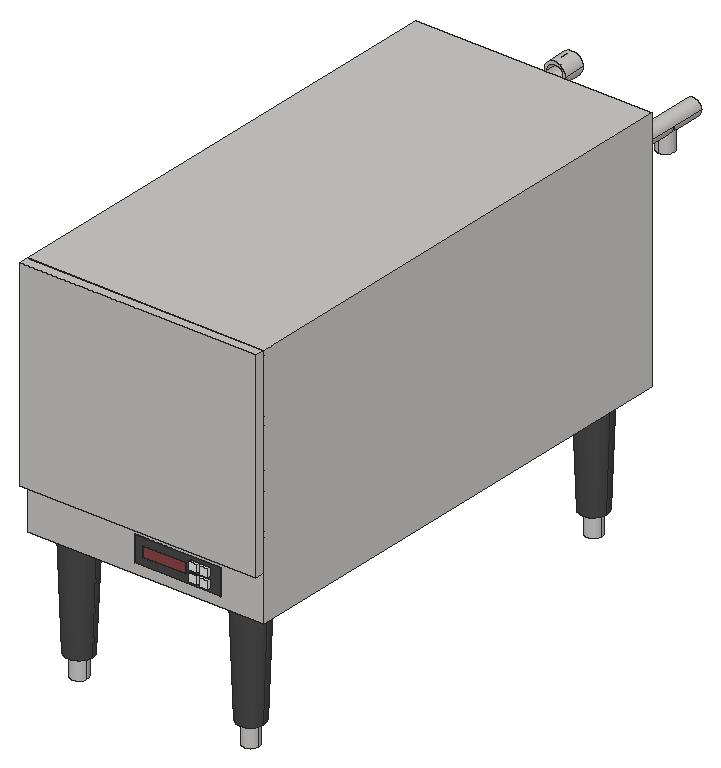
Revit family "QF_Hubbell_J4_cat", category Specialty Equipment, Revit 2012
Parameters (values of type "Requires Type Catalog QF_Hubbell_J4_cat.txt")
  Width = 0' - 11"
  Weight in Pounds = 95
  Watts = 1000 W
  Watermarked By = "http://revitwatermark.com"
  Volts = 120 V
  URL Cutsheet = ""
  URL = "www.hubbellheaters.com"
  Status [instance] = ""
  Specification by User [instance] = ""
  Specification by Manufacturer [instance] = ""
  Serial Number [instance] = ""
  Revision Code [instance] = ""
  Plumbing Remarks [instance] = ""
  Plumbing Connection Type [instance] = ""
  Phase = 1
  Number of Poles [instance] = 1
  NAFEM Spec ID Number [instance] = ""
  Model = "-"
  Min Ckt Ampacity = 10 A
  Masterspec [instance] = ""
  Manufacturer = "Hubbell"  # constant formula
  Leg Depth Separation = 1' - 8"
  Item Number [instance] = "-"
  Installed By [instance] = ""
  Hot Water Temperature [instance] = 140 °F
  Hot Water Size = 3/4"
  Hot Water RI Height [instance] = 0' - 0"
  Hot Water Minimum Pressure = 20.00 psi
  Hot Water Maximum Pressure = 75.00 psi
  Hot Water Flow = 0.00 GPM
  Hot Water Consumption = 0.00 GPM
  Hot Water Connection Height = 0' - 9 5/16"
  Height = 1' - 5 7/16"
  Furnished By [instance] = ""
  Foodservice Equipment Identifier = yes
  FL Amps = 10 A
  Electrical Remarks [instance] = ""
  Electric Connection Type [instance] = ""
  Elec Conn RI Height [instance] = 0' - 0"
  Elec Conn Connection Height = 0' - 7 5/16"
  Description = "Electric Booster Heater"
  Overall Depth = 2' - 2 3/4"
  Cycle = 60 Hz
  Conn Conduit = yes
  CSI MasterFormat = "11 40 00"
  Box Depth = 1' - 11 1/16"
  Assembly Code = "E1090320"
  Apparent Power = if(Phase = 3, Volts * FL Amps * 1.73, Volts * FL Amps)  # 1200 VA
Reference planes (in)
  plane 1 "BACK": y = 0
  plane 2: z = 0
  plane 3 "LEFT": x = -19.72626
  plane 4 "RIGHT": x = -8.72626
  plane 5 "FRONT": y = -26.75
  plane 6 "Bottom": z = 6
  plane 7 "TOP": z = 17.4375
  plane 8 "Back of Box": y = -3.6875
  plane 9: z = 8.125
  plane 10 "Rear Legs": y = -5.1875
  plane 11 "Front Legs": y = -25.1875
  plane 12 "Right Legs": x = -10.22626
  plane 13 "Left Legs": x = -18.22626
  plane 14 "Front of Box": y = -26.3125
  plane 15 "Relief Valve Elev": z = 15.5
  plane 16 "HW Out Elev": z = 17.5
  plane 17 "HW In Elev": z = 9.625
  plane 18 "HW": x = -13.22626
  plane 19 "Relief Valve": x = -9.97626
Forms (in)
  Extrusion 1, solid, material "QF_Finishes_Stainless Steel"
    sketch origin (0, 0, 6) x (0, 1, 0) y (-1, 0, 0)
      loop
        line (-3.6875, 19.72626) -> (-26.3125, 19.72626) -> (-26.3125, 8.72626) -> (-3.6875, 8.72626) -> (-3.6875, 19.72626)
    from 0 to 11.4375
  Extrusion 2, solid, material "QF_Finishes_Stainless Steel"
    sketch origin (0, -26.3125, 0) x (1, 0, 0) y (0, 0, 1)
      loop
        line (-19.72626, 17.4375) -> (-19.72626, 8.125) -> (-8.72626, 8.125) -> (-8.72626, 17.4375) -> (-19.72626, 17.4375)
    from 0 to 0.4375
  Extrusion 3, void
    sketch origin (0, -26.3125, 0) x (1, 0, 0) y (0, 0, 1)
      loop
        line (-14.72626, 6.4375) -> (-10.72626, 6.4375) -> (-10.72626, 7.6875) -> (-14.72626, 7.6875) -> (-14.72626, 6.4375)
    from 0 to -0.125
  Extrusion 4, solid, material "QF_Finishes_Black"
    sketch origin (0, -26.3125, 0) x (1, 0, 0) y (0, 0, 1)
      loop
        line (-10.72626, 7.6875) -> (-14.72626, 7.6875) -> (-14.72626, 6.4375) -> (-10.72626, 6.4375) -> (-10.72626, 7.6875)
      loop
        line (-11.22626, 7.125) -> (-11.22626, 7.5) -> (-11.60126, 7.5) -> (-11.60126, 7.125) -> (-11.22626, 7.125)
      loop
        line (-11.22626, 6.625) -> (-11.22626, 7) -> (-11.60126, 7) -> (-11.60126, 6.625) -> (-11.22626, 6.625)
      loop
        line (-11.72626, 7.125) -> (-11.72626, 7.5) -> (-12.10126, 7.5) -> (-12.10126, 7.125) -> (-11.72626, 7.125)
      loop
        line (-11.72626, 6.625) -> (-11.72626, 7) -> (-12.10126, 7) -> (-12.10126, 6.625) -> (-11.72626, 6.625)
      loop
        line (-12.35126, 7.3125) -> (-14.35126, 7.3125) -> (-14.35126, 6.8125) -> (-12.35126, 6.8125) -> (-12.35126, 7.3125)
    from 0 to -0.125
  Extrusion 5, solid, material "QF_Finishes_LED - Red Off"
    sketch origin (0, -26.3125, 0) x (1, 0, 0) y (0, 0, 1)
      loop
        line (-14.35126, 7.3125) -> (-14.35126, 6.8125) -> (-12.35126, 6.8125) -> (-12.35126, 7.3125) -> (-14.35126, 7.3125)
    from 0 to -0.125
  Extrusion 6, solid, material "QF_Finishes_White"
    sketch origin (0, -26.3125, 0) x (1, 0, 0) y (0, 0, 1)
      loop
        line (-12.10126, 7.5) -> (-12.10126, 7.125) -> (-11.72626, 7.125) -> (-11.72626, 7.5) -> (-12.10126, 7.5)
      loop
        line (-11.60126, 7.125) -> (-11.22626, 7.125) -> (-11.22626, 7.5) -> (-11.60126, 7.5) -> (-11.60126, 7.125)
      loop
        line (-12.10126, 7) -> (-12.10126, 6.625) -> (-11.72626, 6.625) -> (-11.72626, 7) -> (-12.10126, 7)
      loop
        line (-11.60126, 7) -> (-11.60126, 6.625) -> (-11.22626, 6.625) -> (-11.22626, 7) -> (-11.60126, 7)
    from -0.125 to 0.125
  Extrusion 7, solid, material "QF_Finishes_Stainless Steel"
    sketch origin (0, 0, 0) x (1, 0, 0) y (0, 1, 0)
      loop
        circle (-18.22626, -5.1875) r 0.375
      loop
        circle (-10.22626, -5.1875) r 0.375
      loop
        circle (-18.22626, -25.1875) r 0.375
      loop
        circle (-10.22626, -25.1875) r 0.375
    from 0 to 1
  Blend 8, solid, material "QF_Finishes_Black"
    base sketch origin (0, 0, 0) x (1, 0, 0) y (0, 1, 0)
      loop
        circle (-18.22626, -5.1875) r 0.625
    top sketch origin (0, 0, 0) x (1, 0, 0) y (0, 1, 0)
      loop
        circle (-18.22626, -5.1875) r 0.8125
    from 1 to 6
  Blend 9, solid, material "QF_Finishes_Black"
    base sketch origin (10, 0, 0) x (1, 0, 0) y (0, 1, 0)
      loop
        circle (-20.22626, -5.1875) r 0.625
    top sketch origin (10, 0, 0) x (1, 0, 0) y (0, 1, 0)
      loop
        circle (-20.22626, -5.1875) r 0.8125
    from 1 to 6
  Blend 10, solid, material "QF_Finishes_Black"
    base sketch origin (10, -14.125, 0) x (1, 0, 0) y (0, 1, 0)
      loop
        circle (-20.22626, -11.0625) r 0.625
    top sketch origin (10, -14.125, 0) x (1, 0, 0) y (0, 1, 0)
      loop
        circle (-20.22626, -11.0625) r 0.8125
    from 1 to 6
  Blend 11, solid, material "QF_Finishes_Black"
    base sketch origin (0, -14.125, 0) x (1, 0, 0) y (0, 1, 0)
      loop
        circle (-18.22626, -11.0625) r 0.625
    top sketch origin (0, -14.125, 0) x (1, 0, 0) y (0, 1, 0)
      loop
        circle (-18.22626, -11.0625) r 0.8125
    from 1 to 6
  Extrusion 12, solid, material "QF_Finishes_Stainless Steel"
    sketch origin (0, -3.6875, 0) x (1, 0, 0) y (0, 0, 1)
      loop
        circle (-13.22626, 9.625) r 0.375
      loop
        circle (-13.22626, 9.625) r 0.5
    from 0 to -1
  Extrusion 13, solid, material "QF_Finishes_Stainless Steel"
    sketch origin (0, -3.6875, 0) x (1, 0, 0) y (0, 0, 1)
      loop
        circle (-13.22626, 17.5) r 0.375
      loop
        circle (-13.22626, 17.5) r 0.5
    from 0 to -1
  Extrusion 14, solid, material "QF_Finishes_Stainless Steel"
    sketch origin (0, -3.6875, 0) x (1, 0, 0) y (0, 0, 1)
      loop
        circle (-9.97626, 15.5) r 0.625
    from 0 to -0.5625
  Extrusion 15, solid, material "QF_Finishes_Stainless Steel"
    sketch origin (0, -3.6875, 0) x (1, 0, 0) y (0, 0, 1)
      loop
        circle (-9.97626, 15.5) r 0.375
    from -0.5625 to -4
  Extrusion 16, solid, material "QF_Finishes_Stainless Steel"
    sketch origin (0, 0, 15.5) x (0, 1, 0) y (-1, 0, 0)
      loop
        circle (-1.3125, 9.97626) r 0.375
      loop
        circle (-1.3125, 9.97626) r 0.25
    from 0 to -1.0625
  Extrusion 17, void
    sketch origin (-19.72626, 0, 0) x (0, 1, 0) y (0, 0, 1)
      loop
        circle (-24.25, 7.0625) r 0.25
    from 0 to 0.125
Cuts and joins
  Extrusion 3, Extrusion 17 cuts Extrusion 1
Lines and regions (in)
  symbolic lines, style "SpecialityEquipmentHiddenLines"
    curve 1: line (-19.72626, -3.6875, 15.5) -> (-8.72626, -3.6875, 15.5)
    curve 2: line (-19.72626, -26.75, 15.5) -> (-19.72626, -3.6875, 15.5)
    curve 3: line (-8.72626, -26.75, 15.5) -> (-19.72626, -26.75, 15.5)
    curve 4: line (-8.72626, -3.6875, 15.5) -> (-8.72626, -26.75, 15.5)
Dimensions and locks (in)
  "Width": plane 4 "RIGHT" to plane 3 "LEFT"
  "Overall Depth": plane 5 "FRONT" to plane 1 "BACK"
  "Box Depth": plane 5 "FRONT" to plane 8 "Back of Box"
  locked: plane 9 to plane 6 "Bottom" at 2.125
  locked: plane 6 "Bottom" to level at 6
  "Height": plane 7 "TOP" to level
  locked: plane 3 "LEFT" to plane 13 "Left Legs" at 1.5
  locked: plane 12 "Right Legs" to plane 4 "RIGHT" at 1.5
  locked: plane 10 "Rear Legs" to plane 8 "Back of Box" at 1.5
  "Leg Depth Separation": plane 10 "Rear Legs" to plane 11 "Front Legs"
  locked: plane 5 "FRONT" to plane 14 "Front of Box" at 0.4375
  locked: plane 4 "RIGHT" to Extrusion 3 sketch curve at 2
  locked: Extrusion 3 sketch curve to plane 6 "Bottom" at 0.4375
  locked: Extrusion 3 sketch curve to Extrusion 3 sketch curve at 1.25
  locked: Extrusion 3 sketch curve to Extrusion 3 sketch curve at 4
  plane 15 "Relief Valve Elev" to plane 6 "Bottom" = 0' - 9 1/2"
  locked: plane 16 "HW Out Elev" to plane 15 "Relief Valve Elev" at 2
  locked: plane 16 "HW Out Elev" to plane 17 "HW In Elev" at 7.875
  locked: plane 3 "LEFT" to plane 18 "HW" at 6.5
  locked: plane 18 "HW" to plane 19 "Relief Valve" at 3.25
  locked: Extrusion 16 sketch curve to plane 1 "BACK" at 1.3125  (x2)
  locked: Extrusion 17 sketch curve to plane 5 "FRONT" at 2.5
  locked: Extrusion 17 sketch curve to plane 6 "Bottom" at 1.0625
  aligned and locked: level to plane 2
  aligned and locked: plane 8 "Back of Box" to Extrusion 1 sketch curve
  aligned and locked: plane 3 "LEFT" to Extrusion 1 sketch curve
  aligned and locked: Extrusion 1 sketch curve to plane 14 "Front of Box"
  aligned and locked: Extrusion 1 sketch curve to plane 4 "RIGHT"
  aligned and locked: plane 7 "TOP" to Extrusion 1
  aligned and locked: plane 3 "LEFT" to Extrusion 2 sketch curve
  aligned and locked: Extrusion 2 sketch curve to plane 7 "TOP"
  aligned and locked: Extrusion 2 sketch curve to plane 4 "RIGHT"
  aligned and locked: plane 9 to Extrusion 2 sketch curve
  aligned and locked: plane 5 "FRONT" to Extrusion 2
  aligned and locked: plane 6 "Bottom" to Blend 8
  aligned and locked: curve 1 to cut or joined group of Extrusion 1, Extrusion 3, Extrusion 17
  aligned and locked: curve 2 to cut or joined group of Extrusion 1, Extrusion 3, Extrusion 17
  aligned and locked: curve 3 to Extrusion 2
  aligned and locked: curve 4 to Extrusion 2
Automatic sketch dimensions
  Extrusion 4 sketch curve to plane 9 = 0' - 0 7/16"
  Extrusion 4 sketch curve to plane 12 "Right Legs" = 0' - 4 1/2"
  Extrusion 4 sketch curve to Extrusion 4 sketch curve = 0' - 0 3/8"  (x4)
  plane 6 "Bottom" to Extrusion 4 sketch curve = 0' - 0 13/16"
  Extrusion 4 sketch curve to Extrusion 4 sketch curve = 0' - 2"
  Extrusion 4 sketch curve to Extrusion 4 sketch curve = 0' - 0 1/4"
  Extrusion 4 sketch curve to Extrusion 4 sketch curve = 0' - 0"  (x6)
  Extrusion 4 sketch curve to Extrusion 4 sketch curve = 0' - 0 1/8"  (x3)
  Extrusion 4 sketch curve to plane 12 "Right Legs" = 0' - 0 1/2"
  plane 6 "Bottom" to Extrusion 4 sketch curve = 0' - 0 5/8"
  plane 6 "Bottom" to Extrusion 4 sketch curve = 0' - 0 7/16"
  Extrusion 4 sketch curve to Extrusion 4 sketch curve = 0' - 0 3/16"  (x2)
  Extrusion 4 sketch curve to Extrusion 4 sketch curve = 0' - 0 1/2"
  plane 6 "Bottom" to Extrusion 5 sketch curve = 0' - 0 13/16"
  Extrusion 5 sketch curve to plane 12 "Right Legs" = 0' - 4 1/8"
  Extrusion 5 sketch curve to Extrusion 5 sketch curve = 0' - 2"
  Extrusion 5 sketch curve to Extrusion 5 sketch curve = 0' - 0 1/2"
  Extrusion 6 sketch curve to plane 9 = 0' - 0 5/8"
  Extrusion 6 sketch curve to plane 12 "Right Legs" = 0' - 1 7/8"
  Extrusion 6 sketch curve to Extrusion 6 sketch curve = 0' - 0"  (x6)
  Extrusion 6 sketch curve to Extrusion 6 sketch curve = 0' - 0 3/8"  (x5)
  Extrusion 6 sketch curve to Extrusion 6 sketch curve = 0' - 0 1/8"  (x3)
  Extrusion 7 sketch curve to plane 11 "Front Legs" = 0' - 0"  (x2)
  Extrusion 7 sketch curve to plane 13 "Left Legs" = 0' - 0"  (x2)
  Extrusion 7 sketch curve to plane 10 "Rear Legs" = 0' - 0"  (x2)
  Extrusion 7 sketch curve to plane 12 "Right Legs" = 0' - 0"  (x2)
  Blend 8 sketch curve to plane 10 "Rear Legs" = 0' - 0"  (x2)
  Blend 8 sketch curve to plane 13 "Left Legs" = 0' - 0"  (x2)
  Blend 9 sketch curve to plane 10 "Rear Legs" = 0' - 0"  (x2)
  Blend 9 sketch curve to plane 12 "Right Legs" = 0' - 0"  (x2)
  Blend 10 sketch curve to plane 11 "Front Legs" = 0' - 0"  (x2)
  Blend 10 sketch curve to plane 12 "Right Legs" = 0' - 0"  (x2)
  Blend 11 sketch curve to plane 11 "Front Legs" = 0' - 0"  (x2)
  Blend 11 sketch curve to plane 13 "Left Legs" = 0' - 0"  (x2)
  Extrusion 12 sketch curve to Extrusion 12 sketch curve = 0' - 0"  (x2)
  Extrusion 12 sketch curve to plane 17 "HW In Elev" = 0' - 0"
  Extrusion 12 sketch curve to plane 18 "HW" = 0' - 0"
  Extrusion 13 sketch curve to Extrusion 13 sketch curve = 0' - 0"  (x2)
  Extrusion 13 sketch curve to plane 16 "HW Out Elev" = 0' - 0"
  Extrusion 13 sketch curve to plane 18 "HW" = 0' - 0"
  Extrusion 14 sketch curve to plane 15 "Relief Valve Elev" = 0' - 0"
  Extrusion 14 sketch curve to plane 19 "Relief Valve" = 0' - 0"
  Extrusion 15 sketch curve to plane 15 "Relief Valve Elev" = 0' - 0"
  Extrusion 15 sketch curve to plane 19 "Relief Valve" = 0' - 0"
  Extrusion 16 sketch curve to plane 19 "Relief Valve" = 0' - 0"
  Extrusion 16 sketch curve to Extrusion 16 sketch curve = 0' - 0"
  radius of Extrusion 7 sketch curve = 0' - 0 3/8"  (x4)
  radius of Blend 8 sketch curve = 0' - 0 5/8"
  radius of Blend 8 sketch curve = 0' - 0 13/16"
  radius of Blend 9 sketch curve = 0' - 0 5/8"
  radius of Blend 9 sketch curve = 0' - 0 13/16"
  radius of Blend 10 sketch curve = 0' - 0 5/8"
  radius of Blend 10 sketch curve = 0' - 0 13/16"
  radius of Blend 11 sketch curve = 0' - 0 5/8"
  radius of Blend 11 sketch curve = 0' - 0 13/16"
  radius of Extrusion 12 sketch curve = 0' - 0 3/8"
  radius of Extrusion 12 sketch curve = 0' - 0 1/2"
  radius of Extrusion 13 sketch curve = 0' - 0 3/8"
  radius of Extrusion 13 sketch curve = 0' - 0 1/2"
  radius of Extrusion 14 sketch curve = 0' - 0 5/8"
  radius of Extrusion 15 sketch curve = 0' - 0 3/8"
  radius of Extrusion 16 sketch curve = 0' - 0 3/8"
  radius of Extrusion 16 sketch curve = 0' - 0 1/4"
  radius of Extrusion 17 sketch curve = 0' - 0 1/4"
Connectors (in)
  piping at (-13.22626, -2.6875, 9.625), driven by "Hot Water Flow"
    settings: on Extrusion 12, index 1, connector radius 3/8", flow factor 0, pipe flow 0.00 GPM, pressure drop 0.00 psi, fitting loss kfactor 0, connector angle 0.00°, fixture units 0, engagement length 0' - 0", flow configuration 1, flow direction 1, fitting loss method 0, system type 19, joint type 0, gender type 0, connector reference index -1, connector utility 0, adjustable connector no, is connector primary yes, fitting loss table "", connector description "Hot Water In"
  piping at (-13.22626, -2.6875, 17.5), driven by "Hot Water Flow"
    settings: on Extrusion 13, index 2, connector radius 3/8", flow factor 0, pipe flow 0.00 GPM, pressure drop 0.00 psi, fitting loss kfactor 0, connector angle 0.00°, fixture units 0, engagement length 0' - 0", flow configuration 1, flow direction 2, fitting loss method 0, system type 19, joint type 0, gender type 0, connector reference index -1, connector utility 0, adjustable connector no, is connector primary no, fitting loss table "", connector description "Hot Water Out"
  electrical at (-19.72626, -24.25, 7.0625), driven by "Number of Poles", driven by "Volts", driven by "Apparent Power"
    settings: on cut or joined group of Extrusion 1, Extrusion 3, Extrusion 17, index 3, voltage 120 V, apparent load 1200 VA, apparent load phase1 0 VA, apparent load phase2 0 VA, apparent load phase3 0 VA, power factor 1, load classification "Other", number of poles 1, system type 30, power factor state 1, is connector primary yes, connector utility no, sub classification motor no, connector description "Electric Connection"
